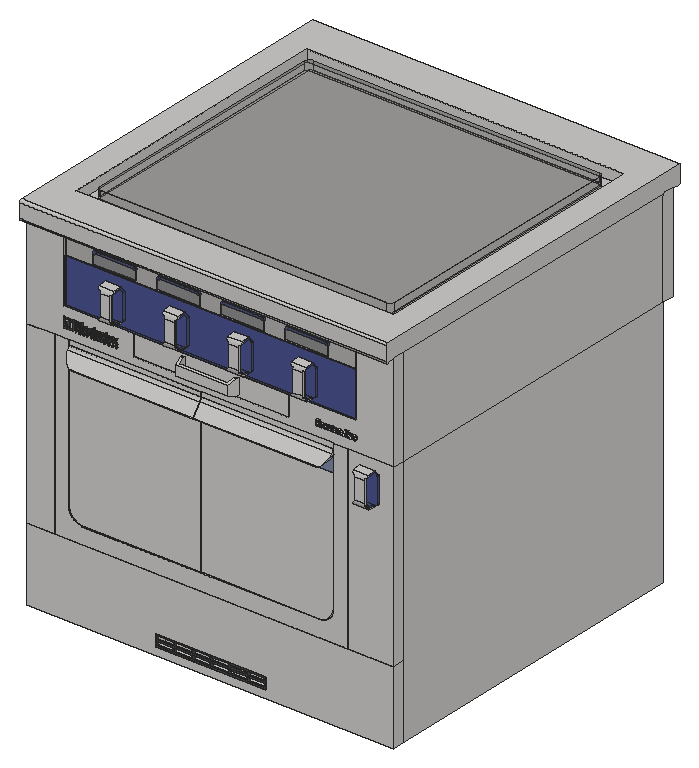
Revit family "QF_ELECTROLUXPROFESSIONAL_588463_MALPFAH4AO", category Attrezzature speciali, Revit 2020 (continued)
Definition of nested family "Front_Panel_W800_Four Knobs"
  Definition of nested family "ELX_Professional_Logo_Small"
    Forms (mm)
      Extrusion 2, solid, material <- "Material_Logo"
        sketch origin (15.5, 0, 0) x (1, 0, 0) y (0, 1, 0)
          loop
            spline (-4.441, -1.243) -> (-4.659, -1.247) -> (-4.894, -1.23) -> (-5.137, -1.19) -> (-5.384, -1.121) -> (-5.628, -1.021) -> (-5.864, -0.884) -> (-6.084, -0.708) -> (-6.283, -0.488) -> (-6.454, -0.219) -> (-6.592, 0.101) -> (-6.69, 0.478) -> (-6.742, 0.914)
            line (-6.742, 0.914) -> (-6.742, 4.587) -> (-4.487, 4.587) -> (-4.487, 6.838) -> (-6.738, 6.838) -> (-6.738, 10.824) -> (-9.217, 10.824) -> (-9.217, 0.773)
            spline (-9.217, 0.773) -> (-9.164, 0.19) -> (-9.068, -0.358) -> (-8.928, -0.87) -> (-8.742, -1.343) -> (-8.511, -1.777) -> (-8.232, -2.168) -> (-7.904, -2.515) -> (-7.527, -2.816) -> (-7.098, -3.069) -> (-6.618, -3.273) -> (-6.084, -3.426) -> (-5.496, -3.525)
            line (-5.496, -3.525) -> (-4.45, -3.573) -> (-4.441, -1.243)
          loop
            spline (3.898, 6.983) -> (3.469, 7.009) -> (3.056, 7.001) -> (2.661, 6.961) -> (2.283, 6.888) -> (1.925, 6.785) -> (1.588, 6.652) -> (1.272, 6.49) -> (0.979, 6.301) -> (0.71, 6.085) -> (0.465, 5.844) -> (0.247, 5.578) -> (0.056, 5.289)
            line (0.056, 5.289) -> (0.056, 6.838) -> (-2.402, 6.838) -> (-2.402, -3.572) -> (0.056, -3.572) -> (0.056, 1.901)
            spline (0.056, 1.901) -> (0.079, 2.316) -> (0.145, 2.703) -> (0.254, 3.06) -> (0.404, 3.386) -> (0.592, 3.679) -> (0.818, 3.938) -> (1.08, 4.162) -> (1.375, 4.348) -> (1.703, 4.495) -> (2.062, 4.602) -> (2.45, 4.668) -> (2.865, 4.69)
            line (2.865, 4.69) -> (3.898, 4.586) -> (3.898, 6.983)
          loop
            spline (15.638, 1.633) -> (15.586, 2.396) -> (15.435, 3.124) -> (15.192, 3.81) -> (14.863, 4.449) -> (14.455, 5.034) -> (13.975, 5.56) -> (13.43, 6.021) -> (12.826, 6.411) -> (12.17, 6.724) -> (11.469, 6.955) -> (10.729, 7.098) -> (9.958, 7.147)
            spline (9.958, 7.147) -> (9.182, 7.098) -> (8.44, 6.955) -> (7.737, 6.724) -> (7.081, 6.411) -> (6.477, 6.021) -> (5.933, 5.56) -> (5.454, 5.034) -> (5.048, 4.449) -> (4.721, 3.81) -> (4.479, 3.124) -> (4.329, 2.396) -> (4.277, 1.633)
            spline (4.277, 1.633) -> (4.329, 0.869) -> (4.479, 0.141) -> (4.721, -0.544) -> (5.048, -1.183) -> (5.454, -1.768) -> (5.933, -2.294) -> (6.477, -2.755) -> (7.081, -3.145) -> (7.737, -3.459) -> (8.44, -3.69) -> (9.182, -3.833) -> (9.958, -3.882)
            spline (9.958, -3.882) -> (10.729, -3.833) -> (11.469, -3.69) -> (12.17, -3.459) -> (12.826, -3.145) -> (13.43, -2.755) -> (13.975, -2.294) -> (14.455, -1.768) -> (14.863, -1.183) -> (15.192, -0.544) -> (15.435, 0.141) -> (15.586, 0.869) -> (15.638, 1.633)
          loop
            spline (13.18, 1.633) -> (13.151, 2.083) -> (13.067, 2.513) -> (12.932, 2.918) -> (12.748, 3.296) -> (12.52, 3.642) -> (12.251, 3.954) -> (11.943, 4.227) -> (11.601, 4.459) -> (11.228, 4.645) -> (10.828, 4.782) -> (10.403, 4.867) -> (9.958, 4.896)
            spline (9.958, 4.896) -> (9.509, 4.867) -> (9.081, 4.782) -> (8.679, 4.645) -> (8.306, 4.459) -> (7.964, 4.227) -> (7.658, 3.954) -> (7.39, 3.642) -> (7.163, 3.296) -> (6.981, 2.918) -> (6.847, 2.513) -> (6.765, 2.083) -> (6.736, 1.633)
            spline (6.736, 1.633) -> (6.765, 1.182) -> (6.847, 0.753) -> (6.981, 0.347) -> (7.163, -0.031) -> (7.39, -0.377) -> (7.658, -0.689) -> (7.964, -0.962) -> (8.306, -1.193) -> (8.679, -1.38) -> (9.081, -1.517) -> (9.509, -1.602) -> (9.958, -1.631)
            spline (9.958, -1.631) -> (10.403, -1.602) -> (10.828, -1.517) -> (11.228, -1.38) -> (11.601, -1.193) -> (11.943, -0.962) -> (12.251, -0.689) -> (12.52, -0.377) -> (12.748, -0.031) -> (12.932, 0.347) -> (13.067, 0.753) -> (13.151, 1.182) -> (13.18, 1.633)
          loop
            line (17.162, 4.269) -> (17.162, -3.573) -> (19.642, -3.573) -> (19.642, 10.824) -> (17.162, 10.824) -> (17.162, 4.269)
          loop
            line (28.581, 6.838) -> (28.581, 0.786)
            spline (28.581, 0.786) -> (28.561, 0.393) -> (28.503, 0.038) -> (28.409, -0.279) -> (28.281, -0.559) -> (28.122, -0.802) -> (27.933, -1.011) -> (27.717, -1.185) -> (27.476, -1.325) -> (27.213, -1.433) -> (26.929, -1.509) -> (26.626, -1.554) -> (26.308, -1.569)
            spline (26.308, -1.569) -> (25.99, -1.554) -> (25.688, -1.509) -> (25.404, -1.434) -> (25.141, -1.326) -> (24.9, -1.187) -> (24.684, -1.014) -> (24.496, -0.807) -> (24.336, -0.565) -> (24.209, -0.288) -> (24.115, 0.026) -> (24.057, 0.376) -> (24.037, 0.765)
            line (24.037, 0.765) -> (24.037, 6.838) -> (21.537, 6.838) -> (21.537, 0.558)
            spline (21.537, 0.558) -> (21.581, -0.153) -> (21.71, -0.8) -> (21.916, -1.384) -> (22.195, -1.904) -> (22.54, -2.362) -> (22.944, -2.757) -> (23.403, -3.09) -> (23.909, -3.362) -> (24.456, -3.572) -> (25.04, -3.722) -> (25.652, -3.811) -> (26.288, -3.841)
            spline (26.288, -3.841) -> (26.929, -3.811) -> (27.547, -3.72) -> (28.135, -3.568) -> (28.687, -3.355) -> (29.197, -3.079) -> (29.66, -2.741) -> (30.068, -2.341) -> (30.415, -1.877) -> (30.696, -1.349) -> (30.905, -0.757) -> (31.034, -0.101) -> (31.079, 0.621)
            line (31.079, 0.621) -> (31.079, 6.838) -> (28.581, 6.838)
          loop
            line (40.457, -0.243) -> (38.894, 1.942) -> (40.83, 4.579) -> (42.488, 6.837) -> (39.782, 6.837) -> (37.53, 3.719) -> (35.258, 6.837) -> (32.573, 6.837) -> (34.113, 4.731) -> (36.167, 1.922) -> (34.014, -1.076) -> (32.222, -3.573) -> (34.887, -3.573) -> (37.53, 0.104) -> (40.174, -3.573) -> (42.839, -3.573) -> (40.457, -0.243)
          loop
            line (-46.121, -5.837) -> (-48.039, -5.837) -> (-48.039, -10.814) -> (-47.016, -10.814) -> (-47.016, -9.128) -> (-46.121, -9.128)
            arc (-46.121, -9.128) -> (-44.476, -7.482) -> (-46.121, -5.837) r 1.645
          loop
            line (-46.163, -6.778) -> (-47.016, -6.778) -> (-47.016, -8.187) -> (-46.163, -8.187)
            arc (-46.163, -8.187) -> (-45.458, -7.482) -> (-46.163, -6.778) r 0.704
          loop
            line (-38.313, -5.837) -> (-40.265, -5.837) -> (-40.265, -10.814) -> (-39.241, -10.814) -> (-39.241, -9.1) -> (-38.46, -9.182) -> (-37.48, -10.814) -> (-36.318, -10.814) -> (-37.513, -8.848)
            arc (-37.513, -8.848) -> (-36.888, -8.266) -> (-36.671, -7.441) r 1.536
            arc (-36.671, -7.441) -> (-37.165, -6.305) -> (-38.313, -5.837) r 1.643
          loop
            arc (-38.402, -8.166) -> (-37.707, -7.505) -> (-38.334, -6.778) r 0.696
            line (-38.334, -6.778) -> (-39.241, -6.778) -> (-39.241, -8.166) -> (-38.402, -8.166)
          loop
            circle (-29.965, -8.325) r 2.585
          loop
            circle (-29.965, -8.325) r 1.64
          loop
            line (-23.1, -5.837) -> (-23.1, -10.814) -> (-22.076, -10.814) -> (-22.076, -8.768) -> (-20.204, -8.768) -> (-20.204, -7.828) -> (-22.076, -7.828) -> (-22.076, -6.778) -> (-20.024, -6.778) -> (-20.024, -5.837) -> (-23.1, -5.837)
          loop
            line (-15.802, -5.837) -> (-15.802, -9.2)
            arc (-15.802, -9.2) -> (-15.343, -10.34) -> (-14.209, -10.814) r 1.593
            line (-14.209, -10.814) -> (-12.602, -10.814) -> (-12.602, -10.027) -> (-14.004, -10.027)
            arc (-14.004, -10.027) -> (-14.552, -9.8) -> (-14.779, -9.252) r 0.775
            line (-14.779, -9.252) -> (-14.779, -8.424) -> (-12.789, -8.424) -> (-12.789, -7.642) -> (-14.779, -7.642) -> (-14.779, -6.778) -> (-12.651, -6.778) -> (-12.651, -5.837) -> (-15.802, -5.837)
          loop
            line (-5.909, -7.143) -> (-5.173, -6.638)
            arc (-5.173, -6.638) -> (-5.855, -5.974) -> (-6.781, -5.755) r 1.782
            arc (-6.781, -5.755) -> (-7.397, -5.878) -> (-7.944, -6.189) r 1.974
            arc (-7.944, -6.189) -> (-8.202, -6.5) -> (-8.317, -6.888) r 1.013
            arc (-8.317, -6.888) -> (-8.306, -7.341) -> (-8.192, -7.78) r 1.985
            arc (-8.192, -7.78) -> (-7.749, -8.259) -> (-7.171, -8.563) r 1.928
            arc (-7.171, -8.563) -> (-6.637, -8.779) -> (-6.131, -9.056) r 5.041
            arc (-6.131, -9.056) -> (-5.934, -9.387) -> (-6.09, -9.74) r 0.42
            arc (-6.09, -9.74) -> (-6.631, -9.96) -> (-7.204, -9.845) r 1.016
            arc (-7.204, -9.845) -> (-7.625, -9.603) -> (-7.889, -9.196) r 1.033
            line (-7.889, -9.196) -> (-8.67, -9.686)
            arc (-8.67, -9.686) -> (-8.361, -10.198) -> (-7.908, -10.589) r 1.914
            arc (-7.908, -10.589) -> (-7.334, -10.834) -> (-6.714, -10.896) r 2.063
            arc (-6.714, -10.896) -> (-5.947, -10.743) -> (-5.256, -10.376) r 2.696
            arc (-5.256, -10.376) -> (-4.95, -9.565) -> (-5.108, -8.712) r 1.618
            arc (-5.108, -8.712) -> (-5.448, -8.319) -> (-5.884, -8.035) r 1.876
            arc (-5.884, -8.035) -> (-6.434, -7.789) -> (-6.999, -7.577) r 9.883
            arc (-6.999, -7.577) -> (-7.325, -7.07) -> (-6.854, -6.694) r 0.45
            arc (-6.854, -6.694) -> (-6.329, -6.809) -> (-5.909, -7.143) r 1.197
          loop
            line (1.61, -7.143) -> (2.345, -6.638)
            arc (2.345, -6.638) -> (1.663, -5.974) -> (0.737, -5.755) r 1.782
            arc (0.737, -5.755) -> (0.121, -5.878) -> (-0.425, -6.189) r 1.974
            arc (-0.425, -6.189) -> (-0.683, -6.5) -> (-0.799, -6.888) r 1.013
            arc (-0.799, -6.888) -> (-0.788, -7.341) -> (-0.674, -7.78) r 1.985
            arc (-0.674, -7.78) -> (-0.231, -8.259) -> (0.347, -8.563) r 1.928
            arc (0.347, -8.563) -> (0.881, -8.779) -> (1.387, -9.056) r 5.041
            arc (1.387, -9.056) -> (1.584, -9.387) -> (1.428, -9.74) r 0.42
            arc (1.428, -9.74) -> (0.887, -9.96) -> (0.314, -9.845) r 1.016
            arc (0.314, -9.845) -> (-0.107, -9.603) -> (-0.371, -9.196) r 1.033
            line (-0.371, -9.196) -> (-1.152, -9.686)
            arc (-1.152, -9.686) -> (-0.842, -10.198) -> (-0.39, -10.589) r 1.914
            arc (-0.39, -10.589) -> (0.184, -10.834) -> (0.804, -10.896) r 2.063
            arc (0.804, -10.896) -> (1.572, -10.743) -> (2.263, -10.376) r 2.696
            arc (2.263, -10.376) -> (2.568, -9.565) -> (2.411, -8.712) r 1.618
            arc (2.411, -8.712) -> (2.07, -8.319) -> (1.635, -8.035) r 1.876
            arc (1.635, -8.035) -> (1.084, -7.789) -> (0.519, -7.577) r 9.883
            arc (0.519, -7.577) -> (0.193, -7.07) -> (0.665, -6.694) r 0.45
            arc (0.665, -6.694) -> (1.189, -6.809) -> (1.61, -7.143) r 1.197
          loop
            line (6.801, -5.837) -> (6.801, -10.814) -> (7.825, -10.814) -> (7.825, -5.837) -> (6.801, -5.837)
          loop
            circle (14.724, -8.325) r 1.548
          loop
            circle (14.724, -8.325) r 2.585
          loop
            line (21.59, -10.814) -> (22.623, -10.814) -> (22.623, -7.685) -> (24.9, -10.814) -> (25.895, -10.814) -> (25.895, -5.837) -> (24.861, -5.837) -> (24.861, -9.061) -> (22.585, -5.837) -> (21.59, -5.837) -> (21.59, -10.814)
          loop
            line (31.054, -10.814) -> (31.539, -9.74) -> (33.38, -9.74) -> (33.865, -10.814) -> (34.965, -10.814) -> (32.46, -5.837) -> (29.956, -10.814) -> (31.054, -10.814)
          loop
            line (32.46, -7.698) -> (31.999, -8.719) -> (32.921, -8.719) -> (32.46, -7.698)
          loop
            line (40.047, -9.873) -> (40.047, -5.837) -> (39.024, -5.837) -> (39.024, -10.814) -> (41.961, -10.814) -> (41.961, -9.873) -> (40.047, -9.873)
          loop
            line (-74.986, -10.814) -> (-53.322, -10.814) -> (-53.322, 10.82) -> (-74.986, 10.82) -> (-74.986, -10.814)
          loop
            line (-61.261, 9.758) -> (-61.261, -9.707)
            arc (-61.261, -9.707) -> (-54.066, 0.025) -> (-61.261, 9.758) r 10.18
          loop
            line (-62.251, 8.349) -> (-62.251, 9.758)
            arc (-62.251, 9.758) -> (-70.347, 7.918) -> (-74.247, 0.59) r 9.976
            line (-74.247, 0.59) -> (-71.026, 0.59)
            arc (-71.026, 0.59) -> (-65.274, 2.925) -> (-62.251, 8.349) r 9.351
          loop
            arc (-74.247, -0.539) -> (-70.353, -7.928) -> (-62.251, -9.957) r 10.237
            line (-62.251, -9.957) -> (-62.251, -8.298)
            arc (-62.251, -8.298) -> (-65.274, -2.874) -> (-71.026, -0.539) r 9.351
            line (-71.026, -0.539) -> (-74.247, -0.539)
        from 0 to 1.644
    Dimensions and locks
      aligned and locked: plane 2 to Extrusion 1
      aligned and locked: level to Extrusion 1
Definition of nested family "H450H2_2DOOR"
  Parameters
    Width [instance] = 580 mm
    Wdoor [instance] = Width / 2  # 290 mm
    Show Clearance [instance] = yes
    Model = "727995"
    Height = 450 mm
    Default Elevation = 0 mm
  Reference planes
    plane 1 "Center (Front/Back)": y = 0
    plane 2: z = 0
    plane 3 "Center (Left/Right)": x = 36.042
    plane 4 "panel": z = 25
    plane 5: x = -253.958
    plane 6: x = 326.042
    plane 7: y = 450
    plane 8: z = 290
    plane 9: z = 45
  Forms (mm)
    Extrusion 1, solid
      sketch origin (0, -919.2, 0) x (1, 0, 0) y (0, 1, 0)
        loop
          line (-980.5, 2119.2) -> (-980.5, -162.846) -> (881.94, -162.846) -> (881.94, 2119.2) -> (-980.5, 2119.2)
      from 0 to -59.546
    Extrusion 2, solid
      sketch origin (0, 0, 0) x (1, 0, 0) y (0, 1, 0)
        loop
          line (324.042, 393) -> (37.042, 393) -> (37.042, 97) -> (294.042, 97)
          arc (294.042, 97) -> (315.255, 105.787) -> (324.042, 127) r 30
          line (324.042, 127) -> (324.042, 393)
        loop
          arc (-251.958, 127) -> (-243.171, 105.787) -> (-221.958, 97) r 30
          line (-221.958, 97) -> (35.042, 97) -> (35.042, 393) -> (-251.958, 393) -> (-251.958, 127)
      from 0 to 25
    Extrusion 3, solid
      sketch origin (0, 0, 0) x (1, 0, 0) y (0, 1, 0)
        loop
          line (-251.958, 393) -> (35.042, 393) -> (35.042, 440) -> (-251.958, 440) -> (-251.958, 393)
        loop
          line (37.042, 440) -> (37.042, 393) -> (324.042, 393) -> (324.042, 440) -> (37.042, 440)
      from 0 to 25
    Extrusion 4, solid
      sketch origin (5.581, 79.805, 0) x (1, 0, 0) y (0, 1, 0)
        loop
          line (-257.539, 360.195) -> (29.461, 360.195) -> (29.461, 370.195) -> (-257.539, 370.195) -> (-257.539, 360.195)
        loop
          line (31.461, 370.195) -> (31.461, 360.195) -> (318.461, 360.195) -> (318.461, 370.195) -> (31.461, 370.195)
      from 0 to 25
    Extrusion 5, solid
      sketch origin (36.042, 0, 0) x (0, 1, 0) y (0, 0, 1)
        loop
          line (426.693, 25) -> (440.02, 25)
          arc (440.02, 25) -> (435.261, 25.775) -> (430.993, 28.02) r 15
          line (430.993, 28.02) -> (406.653, 46.362) -> (403.644, 42.369) -> (426.693, 25)
      from 1 to 288
    Extrusion 6, solid
      sketch origin (36.042, 0, 0) x (0, 1, 0) y (0, 0, 1)
        loop
          line (426.693, 25) -> (440.02, 25)
          arc (440.02, 25) -> (435.261, 25.775) -> (430.993, 28.02) r 15
          line (430.993, 28.02) -> (406.653, 46.362) -> (403.644, 42.369) -> (426.693, 25)
      from -288 to -1
    Extrusion 7, void
      sketch origin (0, 0, 0) x (1, 0, 0) y (0, 1, 0)
        loop
          arc (324.042, 426.693) -> (314.508, 412.772) -> (300.317, 403.644) r 42.603
          line (300.317, 403.644) -> (324.042, 403.644) -> (324.042, 426.693)
      from 0 to 47.9
    Extrusion 8, void
      sketch origin (72.084, 0, 0) x (-1, 0, 0) y (0, -1, 0)
        loop
          line (324.042, -426.693) -> (324.042, -403.644) -> (300.317, -403.644)
          arc (300.317, -403.644) -> (314.508, -412.772) -> (324.042, -426.693) r 42.603
      from 0 to 47.9
    Extrusion 9, solid, detail levels coarse
      sketch origin (0, 0, 0) x (1, 0, 0) y (0, 0, 1)
        loop
          arc (36.042, 25) -> (-41.575, 212.383) -> (-228.958, 290) r 265
          line (-228.958, 290) -> (-228.958, 25) -> (36.042, 25)
      from -450 to -97
    Extrusion 10, solid, detail levels coarse
      sketch origin (0, 0, 0) x (1, 0, 0) y (0, 0, 1)
        loop
          arc (301.042, 290) -> (113.659, 212.383) -> (36.042, 25) r 265
          line (36.042, 25) -> (301.042, 25) -> (301.042, 290)
      from -450 to -97
  Cuts and joins
    Extrusion 8 cuts Extrusion 6
    Extrusion 7 cuts Extrusion 5
  Lines and regions (mm)
    symbolic lines
      curve 1: line (326.042, 0, 45) -> (326.042, 0, 290)
      curve 2: line (301.042, 0, 45) -> (301.042, 0, 290)
      curve 3: line (326.042, 0, 290) -> (301.042, 0, 290)
      curve 4: line (-253.958, 0, 45) -> (-253.958, 0, 290)
      curve 5: line (-228.958, 0, 45) -> (-228.958, 0, 290)
      curve 6: line (-253.958, 0, 290) -> (-228.958, 0, 290)
      curve 7: arc (301.042, 0, 290) -> (120.901, 0, 219.356) -> (36.804, 0, 45.088) r 265
      curve 8: arc (35.286, 0, 44.997) -> (-48.783, 0, 219.325) -> (-228.958, 0, 290) r 265
  Dimensions and locks
    plane 4 "panel" to level = 25 mm
    "Width": plane 5 to plane 6
    equal spacing: plane 5, plane 3 "Center (Left/Right)", plane 6
    "Height": plane 1 "Center (Front/Back)" to plane 7
    locked: plane 5 to Extrusion 2 sketch curve at 2
    locked: Extrusion 2 sketch curve to plane 6 at 2
    locked: plane 1 "Center (Front/Back)" to Extrusion 2 sketch curve at 97
    locked: plane 7 to Extrusion 2 sketch curve at 57
    locked: Extrusion 2 sketch curve to plane 3 "Center (Left/Right)" at 1
    locked: plane 3 "Center (Left/Right)" to Extrusion 2 sketch curve at 1
    Extrusion 3 sketch curve to Extrusion 2 = 47 mm
    "Wdoor": plane 8 to level
    locked: curve 2 to curve 1 at 25
    locked: curve 5 to curve 4 at 25
    plane 4 "panel" to plane 9 = 20 mm
    aligned and locked: plane 2 to Extrusion 1
    aligned and locked: level to Extrusion 1
    aligned and locked: plane 4 "panel" to Extrusion 2
    aligned and locked: Extrusion 2 to Extrusion 3 sketch curve
    aligned and locked: Extrusion 3 sketch curve to Extrusion 2  (x2)
    aligned and locked: Extrusion 3 sketch curve to Extrusion 3 sketch curve
    aligned and locked: plane 4 "panel" to Extrusion 3
    aligned and locked: Extrusion 4 sketch curve to Extrusion 4 sketch curve
    aligned and locked: Extrusion 4 sketch curve to Extrusion 3  (x3)
    aligned and locked: Extrusion 3 to Extrusion 4 sketch curve
    aligned and locked: Extrusion 4 sketch curve to plane 7
    aligned and locked: Extrusion 3 to Extrusion 5
    aligned and locked: Extrusion 5 to Extrusion 3
    aligned and locked: Extrusion 6 to Extrusion 3
    aligned and locked: Extrusion 3 to Extrusion 6
    aligned and locked: Extrusion 7 sketch curve to Extrusion 5
    aligned and locked: Extrusion 8 to Extrusion 6
    aligned and locked: Extrusion 4 to Extrusion 8
    aligned and locked: Extrusion 2 to Extrusion 7
    aligned and locked: Extrusion 7 to Extrusion 5
    aligned and locked: Extrusion 4 to Extrusion 3  (x2)
    aligned and locked: Extrusion 3 to Extrusion 2
    aligned and locked: Extrusion 4 to Extrusion 2
    aligned and locked: curve 3 to plane 8
    aligned and locked: curve 1 to plane 6
    aligned and locked: curve 4 to plane 5
    aligned and locked: Extrusion 9 sketch curve to plane 4 "panel"
    aligned and locked: Extrusion 10 sketch curve to curve 7
    aligned and locked: Extrusion 10 sketch curve to curve 2
    aligned and locked: Extrusion 2 to Extrusion 9
    aligned and locked: Extrusion 2 to Extrusion 10
    aligned and locked: plane 7 to Extrusion 9
    aligned and locked: Extrusion 3 to Extrusion 4
  Automatic sketch dimensions
    Extrusion 1 sketch curve to Extrusion 1 sketch curve = 1862.44 mm
    Extrusion 1 sketch curve to Extrusion 1 sketch curve = 2282.046 mm
    Extrusion 2 sketch curve to Extrusion 2 sketch curve = 30 mm  (x2)
    Extrusion 2 sketch curve to plane 1 "Center (Front/Back)" = 97 mm
    Extrusion 2 sketch curve to Extrusion 2 sketch curve = 0 mm
    Extrusion 3 sketch curve to plane 3 "Center (Left/Right)" = 1 mm
    plane 5 to Extrusion 3 sketch curve = 2 mm
    Extrusion 3 sketch curve to Extrusion 3 sketch curve = 0 mm
    Extrusion 5 sketch curve to plane 4 "panel" = 0 mm
    plane 4 "panel" to Extrusion 5 sketch curve = 17.369 mm
    Extrusion 5 sketch curve to plane 7 = 46.356 mm
    plane 4 "panel" to Extrusion 5 sketch curve = 21.362 mm
    Extrusion 5 sketch curve to Extrusion 5 sketch curve = 3.009 mm
    plane 4 "panel" to Extrusion 5 sketch curve = 3.02 mm
    Extrusion 5 sketch curve to Extrusion 5 sketch curve = 9.027 mm
    Extrusion 6 sketch curve to plane 4 "panel" = 0 mm
    plane 4 "panel" to Extrusion 6 sketch curve = 17.369 mm
    Extrusion 6 sketch curve to plane 7 = 46.356 mm
    plane 4 "panel" to Extrusion 6 sketch curve = 21.362 mm
    Extrusion 6 sketch curve to Extrusion 6 sketch curve = 3.009 mm
    plane 4 "panel" to Extrusion 6 sketch curve = 3.02 mm
    Extrusion 6 sketch curve to Extrusion 6 sketch curve = 9.027 mm
    Extrusion 7 sketch curve to Extrusion 7 sketch curve = 23.725 mm
    Extrusion 7 sketch curve to plane 7 = 6.671 mm
    Extrusion 7 sketch curve to plane 6 = 41.221 mm
    Extrusion 7 sketch curve to plane 7 = 23.307 mm
    plane 7 to Extrusion 8 sketch curve = 6.671 mm
    Extrusion 8 sketch curve to plane 5 = 41.221 mm
    Extrusion 8 sketch curve to plane 5 = 25.725 mm
    Extrusion 8 sketch curve to plane 5 = 2 mm
    plane 7 to Extrusion 8 sketch curve = 23.307 mm
    Extrusion 4 sketch curve to Extrusion 4 sketch curve = 10 mm
    Extrusion 4 sketch curve to plane 7 = 10 mm
    curve 2 to plane 9 = 0 mm
    curve 5 to plane 9 = 0 mm
    curve 4 to plane 9 = 0 mm
    curve 1 to plane 9 = 0 mm
    curve 8 to plane 4 "panel" = 0 mm
    curve 5 to plane 8 = 0 mm
    curve 8 to plane 9 = 0.003 mm
    curve 7 to plane 4 "panel" = 0 mm
    plane 9 to curve 7 = 0.088 mm
Definition of nested family "Warm"
  Reference planes
    plane 1 "Center (Front/Back)": y = 0
    plane 2: z = 0
    plane 3 "Center (Left/Right)": x = 0
  Lines and regions (mm)
    detail lines, in view "Ref. Level"
      curve 1: circle (-165.742, 180.331, 0) r 45 normal (0, 0, 1)
      curve 2: line (-165.742, 125.331, 0) -> (-165.742, 80.331, 0)
      curve 3: line (-165.742, 235.331, 0) -> (-165.742, 280.331, 0)
      curve 4: line (-105.742, 180.331, 0) -> (-65.742, 180.331, 0)
      curve 5: line (-220.742, 180.331, 0) -> (-265.742, 180.331, 0)
      curve 6: line (-126.851, 141.44, 0) -> (-95.031, 109.62, 0)
      curve 7: line (-204.632, 219.221, 0) -> (-236.452, 251.041, 0)
      curve 8: line (-126.851, 219.221, 0) -> (-95.031, 251.041, 0)
      curve 9: line (-204.632, 141.44, 0) -> (-236.452, 109.62, 0)
